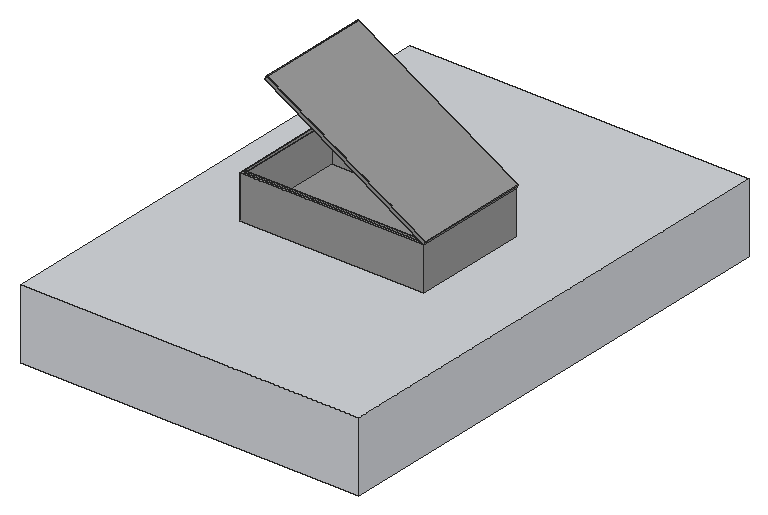
Revit family "Hager-Univers-IP44-D205-Cl.I-H500_Base-CH-it", category Equipement électrique, Revit 2020
Family settings
  Hôte = Face
  Configuration du panneau = Deux colonnes, circuits au sein
  Cote de connecteur circulaire = Utiliser le diamètre
  Type d'élément = Tableau de raccordement
  Couper avec des vides une fois chargée = Non
  Partagée = Non
  Point de calcul de pièce = Non
Parameters (values of type "A parete IP44 L800 A500 P205  - ZB013T")
  Width Control [instance] = if([EF000008 - Larghezza] > Min Width, [EF000008 - Larghezza], Min Width)  # 800 mm
  Commentaires du type = [HG000003 - Gamma]  # "Univers"
  Thickness Door [instance] = if([EF009171 - spessore materiale porta/coperchio] > 3 mm, 3 mm, [EF009171 - spessore materiale porta/coperchio])  # 1 mm
  Seal Frame Offset [instance] = 17 mm  # constant formula
  Plinth Visibility [instance] = [HG000027 - Altezza dello zoccolo] > 0 mm  # no
  Model = ""
  Min Width [instance] = 100 mm  # constant formula
  Min Height [instance] = 100 mm  # constant formula
  Min Depth [instance] = (2 * [EF009170 - spessore materiale scatola]) + 1 mm  # 3 mm
  Internal Frame Depth [instance] = (Door System Depth * 0.5)  # 9 mm
  Height Control [instance] = if([EF000040 - Altezza] > Min Height, [EF000040 - Altezza], Min Height)  # 500 mm
  HG000027 - Altezza dello zoccolo = 0 mm
  HG000026 - A pavimento = no
  HG000024 - Altezza della sezione inferiore = 800 mm
  HG000023 - Custodia a doppia sezione = no
  HG000016 - Visibilità delle porte nella vista 3D [instance] = yes
  HG000015 - Visibilità attraverso la porta [instance] = no
  HG000014 - Porta destra [instance] = yes
  HG000013 - Porta sinistra [instance] = not([HG000014 - Porta destra])  # no
  HG000012 - Angolo di apertura della porta [instance] = 30.00°
  HG000010 - Porte asimmetriche = no
  HG000009 - Porta doppia a battente = no
  HG000006 - Ad incasso = no
  HG000004 - Codice produttore = "ZB013T"
  HG000003 - Gamma = "Univers"
  HG000002 - Con porta = yes
  Frame Offset Bottom [instance] = 10 mm  # constant formula
  Frame Offset [instance] = 15 mm  # constant formula
  EF015940 - Coprire con rilascio di sovrapressione = no
  EF011959 - tipo di protezione (NEMA) = ""
  EF009554 - numero delle aperture per la piastra della flangia = 0
  Fabricant = "Hager"  # constant formula
  EF009212 - esecuzione coperchio = "EV000116 - chiuso"
  EF009171 - spessore materiale porta/coperchio = 1 mm
  EF009170 - spessore materiale scatola = 1 mm
  EF008873 - corrente nominale (In) = 250 A
  EF007800 - adatto per parafulmine = no
  EF006306 - con serratura = no
  EF006244 - coperchio/porta trasparente = no
  EF005474 - grado di protezione (IP) = "EV006418 - IP44"
  EF004464 - tipo di porta = "EV003602 - doppio"
  EF004427 - numero di moduli = 0
  EF004293 - resistenza agli urti = "EV006815 - IK09"
  EF003532 - adatto per uso esterno = no
  EF002950 - Numero moduli DIN = 0
  EF001613 - Integrità del circuito = "EV000494 - senza"
  EF001596 - Attacco Lampada = "EV000179 - acciaio"
  EF001131 - profondità interna = 0 mm
  EF001088 - possibilità di applicazione = yes
  EF000437 - numero di ingressi per conduttori = 0
  EF000339 - tipo di copertura = "EV004216 - porta"
  EF000266 - numero di file = 0
  EF000218 - profondità di incasso = 0 mm
  EF000118 - con piastra di montaggio = no
  EF000116 - numero RAL = "9010"
  EF000049 - profondità = 205 mm
  EF000040 - Altezza = 500 mm
  EF000008 - Larghezza = 800 mm
  EF000007 - colore = "EV000202 - bianco"
  EF000003 - Tipo di montaggio = "EV000384 - A parete"
  Door System Leaf Tolerance [instance] = 1.5 mm  # constant formula
  Door System Depth [instance] = 18 mm  # constant formula
  Door Height [instance] = Height Control - [HG000027 - Altezza dello zoccolo]  # 500 mm
  Depth Control [instance] = if([EF000049 - profondità] > Min Depth, [EF000049 - profondità], Min Depth)  # 205 mm
  Default Elevation = 0 mm
  Connector Offset [instance] = Height Control / 2  # 250 mm
  Bottom Top Plate Trim [instance] = 1.5 mm  # constant formula
  Plinth height Ctrl [instance] = if([HG000027 - Altezza dello zoccolo] > 0 mm, [HG000027 - Altezza dello zoccolo], 12 mm)  # 12 mm
Types (2, lengths in mm): name | Width Control | HG000004 - Codice produttore | EF004464 - tipo di porta | EF000008 - Larghezza
  A parete IP44 L550 A500 P205  - ZB012T | 550 | "ZB012T" | "EV002646 - singolo" | 550
  A parete IP44 L800 A500 P205  - ZB013T | 800 | "ZB013T" | "EV003602 - doppio" | 800
Reference planes
  plane 1 "Center (Front/Back)": y = 0
  plane 2: z = 0
  plane 3 "Center (Left/Right)": x = 0
  plane 4: z = 205
  plane 5: y = 1
  plane 6: y = 250
  plane 7: y = 0
  plane 8: y = 500
  plane 9: z = 0
  plane 10: x = -385
  plane 11: x = 385
  plane 12: x = 384
  plane 13: x = -384
  plane 14: y = 499
  plane 15: x = -383
  plane 16: x = -400
  plane 17: x = 383
  plane 18: x = 400
  plane 19: x = 399
  plane 20: x = -399
  plane 21: y = 11
  plane 22: y = 500
  plane 23: y = 484
  plane 24: z = 187
  plane 25: z = 1
  plane 26: z = 186
  plane 27: z = 204
Forms (mm)
  Extrusion 1, solid
    sketch origin (0, 0, 0) x (1, 0, 0) y (0, 1, 0)
      loop
        line (-702.964, 1305) -> (-702.964, -811.445) -> (766.763, -811.445) -> (766.763, 1305) -> (-702.964, 1305)
    from 0 to -304.8
  Extrusion 2, solid, material "Hager_Steel_RAL7035_Light_Grey", visible <- "Plinth Visibility", detail levels medium+fine
    sketch origin (0, 0, 0) x (1, 0, 0) y (0, 1, 0)
      loop
        line (-400, 0) -> (400, 0) -> (400, 12) -> (-400, 12) -> (-400, 0)
    from 0 to 187
  Extrusion 3, solid, material "Hager_Steel_RAL7035_Light_Grey", detail levels medium+fine
    sketch origin (0, 0, 0) x (1, 0, 0) y (0, 1, 0)
      loop
        line (-400, 0) -> (400, 0) -> (400, 500) -> (-400, 500) -> (-400, 0)
    from 0 to 187
  Extrusion 4, void
    sketch origin (0, 0, 0) x (1, 0, 0) y (0, 1, 0)
      loop
        line (-399, 1) -> (399, 1) -> (399, 499) -> (-399, 499) -> (-399, 1)
    from 1 to 186
  Extrusion 5, void
    sketch origin (-381.607, -4572, 187) x (0, -1, 0) y (-1, 0, 0)
      loop
        line (-4583, 2.393) -> (-5056, 2.393) -> (-5056, -765.607) -> (-4583, -765.607) -> (-4583, 2.393)
    from 0 to 1 <- "EF009170 - spessore materiale scatola"
  Extrusion 6, solid, material "Hager_Steel_RAL7035_Light_Grey", detail levels fine
    sketch origin (0, 0, 187) x (1, 0, 0) y (0, 1, 0)
      loop
        line (-384, 484) -> (-384, 11) -> (384, 11) -> (384, 484) -> (-384, 484)
      loop
        line (-385, 10) -> (385, 10) -> (385, 485) -> (-385, 485) -> (-385, 10)
    from 0 to 9 <- "Internal Frame Depth"
  Extrusion 7, solid, material "Hager_Steel_RAL7035_Light_Grey", detail levels coarse
    sketch origin (0, 0, 0) x (1, 0, 0) y (0, 1, 0)
      loop
        line (-400, 0) -> (400, 0) -> (400, 500) -> (-400, 500) -> (-400, 0)
    from 0 to 205
  Sweep 8, void
    path in 3D
      loop
        line (-400, 12, 0) -> (400, 12, 0) -> (400, 12, 187) -> (-400, 12, 187) -> (-400, 12, 0)
    profile origin (-400, 12, 93.5) x (-1, 0, 0) y (0, -1, 0)
      loop
        line (0, 0) -> (0, 1.5) -> (-1.5, 1.5)
        arc (-1.5, 1.5) -> (-1.061, 0.439) -> (0, 0) r 1.5
Cuts and joins
  Extrusion 4, Extrusion 5 cuts Extrusion 3
  Sweep 8 cuts Extrusion 2
Lines and regions (mm)
  Masking region 1
    outline origin (0, 0, 0) x (1, 0, 0) y (0, 0, 1)
      loop
        line (-400, 205) -> (-400, 0) -> (400, 0) -> (400, 205) -> (-400, 205)
  Masking region 2, detail levels medium+fine
    outline origin (0, 140, 0) x (0, 1, 0) y (0, 0, 1)
      loop
        line (-140, 0) -> (360, 0) -> (360, 187) -> (-140, 187) -> (-140, 0)
  Masking region 3, not visible, detail levels medium+fine
    outline origin (0, 297.922, 0) x (0, 1, 0) y (0, 0, 1)
      loop
        line (-36.422, 0) -> (3.578, 0) -> (3.578, 194)
        arc (3.578, 194) -> (0.649, 201.071) -> (-6.422, 204) r 10
        line (-6.422, 204) -> (-36.422, 204) -> (-36.422, 0)
  Masking region 4, detail levels coarse
    outline origin (0, 0, 180) x (0, 1, 0) y (0, 0, 1)
      loop
        line (0, -180) -> (500, -180) -> (500, 25) -> (0, 25) -> (0, -180)
  Masking region 5, visible <- "Plinth Visibility", detail levels medium+fine
    outline origin (0, 52.24, 12.345) x (0, 0, -1) y (0, 1, 0)
      loop
        line (10.845, -40.24) -> (-173.155, -40.24)
        arc (-173.155, -40.24) -> (-173.594, -41.301) -> (-174.655, -41.74) r 1.5
        line (-174.655, -41.74) -> (-174.655, -52.24) -> (12.345, -52.24) -> (12.345, -41.74)
        arc (12.345, -41.74) -> (11.285, -41.301) -> (10.845, -40.24) r 1.5
  Masking region 6, detail levels medium+fine
    outline origin (-381.607, -4572, 187) x (-1, 0, 0) y (0, -1, 0)
      loop
        line (18.393, -5072) -> (18.393, -4572) -> (-781.607, -4572) -> (-781.607, -5072) -> (18.393, -5072)
  Masking region 7, visible <- "Plinth Visibility", detail levels medium+fine
    outline origin (-381.607, -4727, 187) x (-1, 0, 0) y (0, -1, 0)
      loop
        arc (16.893, -4739) -> (17.332, -4737.939) -> (18.393, -4737.5) r 1.5
        line (18.393, -4737.5) -> (18.393, -4727) -> (-781.607, -4727) -> (-781.607, -4737.5)
        arc (-781.607, -4737.5) -> (-780.546, -4737.939) -> (-780.107, -4739) r 1.5
        line (-780.107, -4739) -> (16.893, -4739)
  Masking region 8, detail levels coarse
    outline origin (-442.548, -4669.526, 187) x (-1, 0, 0) y (0, -1, 0)
      loop
        line (-42.548, -5169.526) -> (-42.548, -4669.526) -> (-842.548, -4669.526) -> (-842.548, -5169.526) -> (-42.548, -5169.526)
  sketch lines
    curve 1: line (-400, 12, 187) -> (-400, 12, 0)
    curve 2: line (400, 12, 187) -> (-400, 12, 187)
    curve 3: line (400, 12, 187) -> (400, 12, 0)
    curve 4: line (-400, 12, 0) -> (400, 12, 0)
Dimensions and locks
  "Depth Control": plane 4 to Extrusion 1
  "HG000027 - Altezza dello zoccolo": plane 1 "Center (Front/Back)" to plane 7
  "EF009170 - spessore materiale scatola": plane 5 to plane 7
  locked: connector elem to plane 3 "Center (Left/Right)"
  equal spacing: plane 8, plane 6, plane 7
  locked: connector elem to plane 6
  "EF009170 - spessore materiale scatola": plane 8 to plane 14
  "EF009170 - spessore materiale scatola": plane 10 to plane 13
  "EF009170 - spessore materiale scatola": plane 12 to plane 11
  "Frame Offset": plane 20 to plane 13
  "Frame Offset": plane 12 to plane 19
  "EF009170 - spessore materiale scatola": plane 16 to plane 20
  "EF009170 - spessore materiale scatola": plane 19 to plane 18
  "Seal Frame Offset": plane 16 to plane 15
  "Seal Frame Offset": plane 17 to plane 18
  "Frame Offset Bottom": plane 21 to plane 5
  "Frame Offset": plane 14 to plane 23
  equal spacing: plane 16, plane 3 "Center (Left/Right)", plane 18
  "Width Control": plane 16 to plane 18
  "EF009170 - spessore materiale scatola": plane 4 to plane 27
  "EF009170 - spessore materiale scatola": plane 24 to plane 26
  "EF009170 - spessore materiale scatola": plane 25 to level
  "Door System Depth": plane 4 to plane 24
  "Height Control": plane 1 "Center (Front/Back)" to Extrusion 7 sketch curve
  "Height Control": Masking region 4 sketch curve to plane 1 "Center (Front/Back)"
  "Height Control": plane 1 "Center (Front/Back)" to plane 22
  "Bottom Top Plate Trim": profile plane to Sweep 8 sketch curve
  "Bottom Top Plate Trim": Sweep 8 sketch curve to profile plane
  "Plinth height Ctrl": plane 1 "Center (Front/Back)" to Extrusion 2 sketch curve
  "Plinth height Ctrl": Masking region 5 sketch curve to plane 1 "Center (Front/Back)"
  "Plinth height Ctrl": plane 1 "Center (Front/Back)" to Masking region 7 sketch curve
  "Thickness Door": Extrusion 6 sketch curve to Extrusion 6 sketch curve  (x3)
  "Thickness Door": cut or joined group of Extrusion 3, Extrusion 4, Extrusion 5 to Extrusion 6 sketch curve
  radius of Masking region 3 sketch curve = 10 mm
  "Bottom Top Plate Trim": radius of Masking region 5 sketch curve  (x2)
  "Bottom Top Plate Trim": radius of Sweep 8 sketch curve
  "Bottom Top Plate Trim": radius of Masking region 7 sketch curve  (x2)
  aligned and locked: plane 2 to Extrusion 1
  aligned and locked: level to Extrusion 1
  aligned and locked: level to Masking region 1 sketch curve
  aligned and locked: Masking region 1 sketch curve to plane 18
  aligned and locked: Masking region 1 sketch curve to plane 16
  aligned and locked: plane 7 to Masking region 2 sketch curve
  aligned and locked: level to Masking region 3 sketch curve
  aligned and locked: Masking region 3 sketch curve to plane 27
  aligned and locked: level to Masking region 2 sketch curve
  aligned and locked: plane 1 "Center (Front/Back)" to Extrusion 2 sketch curve
  aligned and locked: Extrusion 3 sketch curve to plane 7
  aligned and locked: plane 16 to Extrusion 3 sketch curve
  aligned and locked: plane 18 to Extrusion 3 sketch curve
  aligned and locked: plane 20 to Extrusion 4 sketch curve
  aligned and locked: plane 19 to Extrusion 4 sketch curve
  aligned and locked: Extrusion 4 sketch curve to plane 5
  aligned and locked: Extrusion 4 to plane 25
  aligned and locked: plane 26 to Extrusion 4
  aligned and locked: plane 24 to Extrusion 3
  aligned and locked: Extrusion 5 sketch curve to plane 21
  aligned and locked: Extrusion 5 sketch curve to plane 13
  aligned and locked: Extrusion 5 sketch curve to plane 12
  aligned and locked: plane 18 to Extrusion 7 sketch curve
  aligned and locked: plane 1 "Center (Front/Back)" to Extrusion 7 sketch curve
  aligned and locked: plane 16 to Extrusion 7 sketch curve
  aligned and locked: plane 4 to Extrusion 7
  aligned and locked: Extrusion 7 to level
  aligned and locked: level to Masking region 4 sketch curve
  aligned and locked: Masking region 4 sketch curve to plane 1 "Center (Front/Back)"
  aligned and locked: Masking region 4 sketch curve to plane 4
  aligned and locked: nested 1 to level
  aligned and locked: nested 1 to plane 16
  aligned and locked: plane 8 to Extrusion 3 sketch curve
  aligned and locked: plane 23 to Extrusion 5 sketch curve
  aligned and locked: plane 14 to Extrusion 4 sketch curve
  aligned and locked: Masking region 2 sketch curve to plane 8
  aligned and locked: level to Masking region 5 sketch curve
  aligned and locked: plane 16 to Extrusion 2 sketch curve
  aligned and locked: plane 18 to Extrusion 2 sketch curve
  aligned and locked: Masking region 5 sketch curve to plane 24
  aligned and locked: Masking region 2 sketch curve to plane 24
  aligned and locked: plane 24 to Extrusion 2
  aligned and locked: profile plane to Sweep 8 sketch curve  (x2)
  aligned and locked: Masking region 6 sketch curve to plane 18
  aligned and locked: Masking region 6 sketch curve to plane 22
  aligned and locked: Masking region 6 sketch curve to plane 16
  aligned and locked: plane 8 to plane 22
  aligned and locked: Masking region 6 sketch curve to plane 7
  aligned and locked: Masking region 7 sketch curve to plane 16
  aligned and locked: Masking region 7 sketch curve to plane 1 "Center (Front/Back)"
  aligned and locked: Masking region 7 sketch curve to plane 18
  aligned and locked: Masking region 8 sketch curve to plane 1 "Center (Front/Back)"
  aligned and locked: Masking region 8 sketch curve to plane 18
  aligned and locked: Masking region 8 sketch curve to plane 22
  aligned and locked: Masking region 8 sketch curve to plane 16
  aligned and locked: nested 2 to plane 7
  aligned and locked: plane 3 "Center (Left/Right)" to nested 2
  aligned and locked: nested 2 to plane 24
  aligned and locked: Extrusion 6 sketch curve to cut or joined group of Extrusion 3, Extrusion 4, Extrusion 5  (x4)
Automatic sketch dimensions
  Extrusion 1 sketch curve to Extrusion 1 sketch curve = 1469.727 mm
  Extrusion 1 sketch curve to Extrusion 1 sketch curve = 2116.445 mm
  Masking region 1 sketch curve to plane 4 = 0 mm
  plane 6 to Masking region 3 sketch curve = 11.5 mm
  Masking region 3 sketch curve to Masking region 3 sketch curve = 30 mm
  Masking region 5 sketch curve to plane 1 "Center (Front/Back)" = 0 mm
Nested families
  nested 1: "Hager_Enclosure_Symbol" at (-400, 0, 0) x (1, 0, 0) z (0, -1, 0), Height <- "Depth Control", Width <- "Width Control", type "Hager_Enclosure_Symbol"
    with Width_Ctrl 800 mm, Width 800 mm, Height_Ctrl 205 mm, Height 205 mm, A_Width_Int 13.453 mm, A_Width 161.438 mm, A_Height_Ctrl 179.375 mm, A_Height 179.375 mm
  nested 2: "EC000058_Univers_Door" at (0, 0, 187) x (1, 0, 0) z (0, 1, 0), Leaf_Tolerance <- "Door System Leaf Tolerance", Angle <- "HG000012 - Angolo di apertura della porta", Door_Depth <- "Door System Depth", Door_Left <- "HG000013 - Porta sinistra", Transparent <- "EF006244 - coperchio/porta trasparente", Assymetrical <- "HG000010 - Porte asimmetriche", Width <- "Width Control", Clearance <- "HG000015 - Visibilità attraverso la porta", Double <- "HG000009 - Porta doppia a battente", 3d_Door <- "HG000016 - Visibilità delle porte nella vista 3D", Lock_Visibility <- "EF006306 - con serratura", Width_Ctrl <- "Width Control", Door_Right <- "HG000014 - Porta destra", Door <- "HG000002 - Con porta", Height <- "Door Height", Thickness <- "Thickness Door", type "EC000058_Univers_Door", detail levels medium+fine
    with min_wh 3 mm, Width_Ctrl 800 mm, Width 800 mm, Transparent no, Thickness 1 mm, Seal_Material Hager_Rubber, Lock_Visibility no, Lock_Material Hager_Plastic_RAL9005_Jet_Black, Leaf_Width 800 mm, Leaf_Tolerance_External_Sides 0 mm, Leaf_Tolerance 1.5 mm, Leaf_Offset 0 mm, Leaf_Height 497 mm, Leaf_2_Width 800 mm, Leaf_2_Offset 400 mm, Leaf_1_Width 800 mm, Leaf_1_Offset 400 mm, Height_Ctrl 500 mm, Height 500 mm, Glass_Material Hager_Glass, Double_Clearance_Ctrl no, Double no, Door_Right_Ctrl yes, Door_Right yes, Door_Material Hager_Steel_RAL7035_Light_Grey, Door_Left_Ctrl no, Door_Left no, Door_Depth 18 mm, Door yes, Clearance_Material Hager_Clearance, Clearance_Depth 800 mm, Clearance_Ctrl no, Clearance no, Assymetrical no, Angle 30.00°, 3d_Door yes
Connectors
  electrical at (0, 250, 0)
    settings: on plane 9, index 1, voltage 0 V, apparent load 0 VA, apparent load phase1 0 VA, apparent load phase2 0 VA, apparent load phase3 0 VA, power factor 1, load classification "Other", number of poles 1, system type 30, power factor state 1, is connector primary yes, connector utility no, sub classification motor no, connector description ""
Definition of nested family "EC000058_Univers_Door"
  Parameters (values of type "EC000058_Univers_Door")
    min_wh [instance] = (2 * Thickness) + 1 mm  # 11 mm
    Width_Ctrl [instance] = 400 mm
    Width [instance] = 500 mm
    Transparent [instance] = yes
    Thickness [instance] = 5 mm
    Seal_Material [instance] = none
    Lock_Visibility [instance] = yes
    Lock_Material [instance] = none
    Leaf_Width [instance] = if((Width_Ctrl - 2 * Leaf_Tolerance_External_Sides) > 0 mm, (Width_Ctrl - 2 * Leaf_Tolerance_External_Sides), min_wh)  # 400 mm
    Leaf_Tolerance_External_Sides [instance] = 0 mm  # constant formula
    Leaf_Tolerance [instance] = 1.5 mm
    Leaf_Offset [instance] = 0 mm  # constant formula
    Leaf_Height [instance] = if((Height_Ctrl - 2 * Leaf_Tolerance) > 0 mm, (Height_Ctrl - 2 * Leaf_Tolerance), min_wh)  # 497 mm
    Leaf_2_Width [instance] = if(and(and(Double, Assymetrical), Door_Left), (Leaf_Width / 3) - (Leaf_Tolerance / 2), if(and(and(Double, Assymetrical), Door_Right), (Leaf_Width / 3) * 2 - (Leaf_Tolerance / 2), if(and(Double, not(Assymetrical)), (Leaf_Width / 2) - Leaf_Tolerance, Leaf_Width)))  # 400 mm
    Leaf_2_Offset [instance] = if(and(Double, Assymetrical), Leaf_2_Width / 2, if(and(Double, not(Assymetrical)), Leaf_Width / 4, Leaf_Width / 2))  # 200 mm
    Leaf_1_Width [instance] = if(and(and(Double, Assymetrical), Door_Right), (Leaf_Width / 3) - (Leaf_Tolerance / 2), if(and(and(Double, Assymetrical), Door_Left), (Width / 3) * 2 - (Leaf_Tolerance / 2), if(and(Double, not(Assymetrical)), (Leaf_Width / 2) - Leaf_Tolerance, Leaf_Width)))  # 400 mm
    Leaf_1_Offset [instance] = if(and(Double, Assymetrical), Leaf_1_Width / 2, if(and(Double, not(Assymetrical)), Leaf_Width / 4, Leaf_Width / 2))  # 200 mm
    Height_Ctrl [instance] = if(Height > min_wh, Height, min_wh)  # 500 mm
    Height [instance] = 500 mm
    Glass_Material [instance] = none
    Double_Clearance_Ctrl [instance] = and(Double, Clearance)  # no
    Double [instance] = no
    Door_Right_Ctrl [instance] = and(or(Door_Right, Double), Door)  # yes
    Door_Right [instance] = yes
    Door_Material [instance] = none
    Door_Left_Ctrl [instance] = and(or(Door_Left, Double), Door)  # no
    Door_Left [instance] = no
    Door_Depth [instance] = 30 mm
    Door [instance] = yes
    Default Elevation = 1219.2 mm
    Clearance_Material [instance] = none
    Clearance_Depth [instance] = if(Leaf_1_Width > Leaf_2_Width, Leaf_1_Width, Leaf_2_Width)  # 400 mm
    Clearance_Ctrl [instance] = and(not(Double), Clearance)  # yes
    Clearance [instance] = yes
    Assymetrical [instance] = yes
    Angle [instance] = 30.00°
    3d_Door [instance] = yes
  Reference planes
    plane 1 "Center (Front/Back)": y = 0
    plane 2 "Bottom": z = 0
    plane 3 "Center (Left/Right)": x = 0
    plane 4: z = 500
    plane 5: x = -200
    plane 6: x = 200
    plane 7: z = 500
    plane 8: x = -200
    plane 9: z = 0
    plane 10: x = 200
    plane 11: y = 0
    plane 12: z = 1.5
    plane 13: x = -600
    plane 14: y = -400
    plane 15: x = 600
    plane 16: x = 0
    plane 17: x = 0
    plane 18: x = -200
    plane 19: x = 200
    plane 20: z = 498.5
  Forms (mm)
    Extrusion 1, solid, material <- "Clearance_Material", visible <- "Double_Clearance_Ctrl"
      sketch origin (1200, 0, 0) x (1, 0, 0) y (0, 0, -1)
        loop
          line (-1800, -498.5) -> (-600, -498.5) -> (-600, 0) -> (-1800, 0) -> (-1800, -498.5)
      from 0 to -400
  Dimensions and locks
    equal spacing: plane 5, plane 3 "Center (Left/Right)", plane 6
    "Width_Ctrl": plane 5 to plane 6
    "Leaf_Offset": plane 5 to plane 8
    "Leaf_Offset": plane 6 to plane 10
    "Leaf_Offset": plane 9 to level
    "Leaf_Offset": plane 4 to plane 7
    "Height_Ctrl": plane 4 to level
    "Leaf_Tolerance": plane 12 to plane 9
    locked: plane 11 to plane 1 "Center (Front/Back)"
    "Leaf_1_Offset": plane 18 to plane 16
    "Leaf_2_Offset": plane 17 to plane 19
    "Leaf_1_Width": plane 13 to plane 8
    "Leaf_2_Width": plane 10 to plane 15
    "Clearance_Depth": plane 14 to plane 1 "Center (Front/Back)"
    "Leaf_Tolerance_External_Sides": plane 8 to plane 18
    "Leaf_Tolerance_External_Sides": plane 19 to plane 10
    "Leaf_Tolerance": plane 7 to plane 20
    aligned and locked: level to plane 2 "Bottom"
    aligned and locked: nested 1 to plane 16
    aligned and locked: nested 2 to plane 17
    aligned and locked: Extrusion 1 to plane 13
    aligned and locked: plane 15 to Extrusion 1
    aligned and locked: Extrusion 1 to plane 14
    aligned and locked: plane 12 to nested 1
    aligned and locked: nested 2 to plane 12
    aligned and locked: Extrusion 1 to plane 11
    aligned and locked: plane 20 to Extrusion 1
    aligned and locked: nested 2 to plane 11
    aligned and locked: nested 1 to plane 11
  Automatic sketch dimensions
    Extrusion 1 sketch curve to level = 0 mm
    plane 5 to Extrusion 1 sketch curve = 400 mm
    plane 6 to Extrusion 1 sketch curve = 400 mm
    Extrusion 1 sketch curve to plane 4 = 1.5 mm
  Nested families
    nested 1: "EC000058_Univers_Door_Leaf" at (0, 0, 1.5), Width <- "Leaf_1_Width", visible <- "Door_Left_Ctrl", Leaf_Height <- "Leaf_Height", Angle <- "Angle", 3d_Door <- "3d_Door", Transparent <- "Transparent", Clearance Material <- "Clearance_Material", Clearance <- "Clearance_Ctrl", Door_Material <- "Door_Material", Glass_Material <- "Glass_Material", Door_Depth <- "Door_Depth", Lock_Material <- "Lock_Material", Seal_Material <- "Seal_Material", Lock_Visibility <- "Lock_Visibility", Thickness <- "Thickness", type "EC000058_Univers_Door_Leaf"
      with Width 400 mm, Transparent_Glass_Offset 30 mm, Transparent_Ctrl yes, Transparent yes, Thickness 5 mm, Standard no, Seal_Material none, Seal_D2 8 mm, Seal_D1 1 mm, Offset_Internal_Frame 10 mm, Lock_Width 20 mm, Lock_Visibility_3d yes, Lock_Visibility yes, Lock_Thickness_3 3 mm, Lock_Thickness_2 1 mm, Lock_Thickness_1 3 mm, Lock_Radius_Offset_2 16 mm, Lock_Radius_Offset_1 15 mm, Lock_Radius_2 5 mm, Lock_Radius 6 mm, Lock_Offset 5 mm, Lock_Material none, Lock_Height 80 mm, Lock_Cover_Top_Offset_2d 17 mm, Lock_Cover_Height -65 mm, Leaf_Height 497 mm, Internal_Seal_Thickness 8 mm, Internal_Seal_Depth_2 4.5 mm, Internal_Frame_Depth 25 mm, Glass_Thickness -1 mm, Glass_Offset -2 mm, Glass_Material none, Door_Material none, Door_Depth 30 mm, Clearance Material none, Clearance yes, Angle_Ctrl 30.00°, Angle 30.00°, 3d_Door yes
    nested 2: "EC000058_Univers_Door_Leaf" at (0, 0, 1.5) x (-1, 0, 0) z (0, 0, 1), Width <- "Leaf_2_Width", visible <- "Door_Right_Ctrl", Leaf_Height <- "Leaf_Height", Angle <- "Angle", 3d_Door <- "3d_Door", Transparent <- "Transparent", Clearance Material <- "Clearance_Material", Clearance <- "Clearance_Ctrl", Door_Material <- "Door_Material", Glass_Material <- "Glass_Material", Door_Depth <- "Door_Depth", Lock_Material <- "Lock_Material", Seal_Material <- "Seal_Material", Lock_Visibility <- "Lock_Visibility", Thickness <- "Thickness", type "EC000058_Univers_Door_Leaf"
      with Width 400 mm, Transparent_Glass_Offset 30 mm, Transparent_Ctrl yes, Transparent yes, Thickness 5 mm, Standard no, Seal_Material none, Seal_D2 8 mm, Seal_D1 1 mm, Offset_Internal_Frame 10 mm, Lock_Width 20 mm, Lock_Visibility_3d yes, Lock_Visibility yes, Lock_Thickness_3 3 mm, Lock_Thickness_2 1 mm, Lock_Thickness_1 3 mm, Lock_Radius_Offset_2 16 mm, Lock_Radius_Offset_1 15 mm, Lock_Radius_2 5 mm, Lock_Radius 6 mm, Lock_Offset 5 mm, Lock_Material none, Lock_Height 80 mm, Lock_Cover_Top_Offset_2d 17 mm, Lock_Cover_Height -65 mm, Leaf_Height 497 mm, Internal_Seal_Thickness 8 mm, Internal_Seal_Depth_2 4.5 mm, Internal_Frame_Depth 25 mm, Glass_Thickness -1 mm, Glass_Offset -2 mm, Glass_Material none, Door_Material none, Door_Depth 30 mm, Clearance Material none, Clearance yes, Angle_Ctrl 30.00°, Angle 30.00°, 3d_Door yes
  Definition of nested family "EC000058_Univers_Door_Leaf"
    Parameters (values of type "EC000058_Univers_Door_Leaf")
      Width [instance] = 2000 mm
      Transparent_Glass_Offset [instance] = 30 mm
      Transparent_Ctrl [instance] = and(Transparent, [3d_Door])  # yes
      Transparent [instance] = yes
      Thickness [instance] = 5 mm
      Standard [instance] = and(not(Transparent), [3d_Door])  # no
      Seal_Material [instance] = none
      Seal_D2 [instance] = 8 mm  # constant formula
      Seal_D1 [instance] = 1 mm  # constant formula
      Offset_Internal_Frame [instance] = 10 mm  # constant formula
      Lock_Width [instance] = 20 mm  # constant formula
      Lock_Visibility_3d [instance] = and(Lock_Visibility, [3d_Door])  # yes
      Lock_Visibility [instance] = yes
      Lock_Thickness_3 [instance] = 3 mm  # constant formula
      Lock_Thickness_2 [instance] = 1 mm  # constant formula
      Lock_Thickness_1 [instance] = 3 mm  # constant formula
      Lock_Radius_Offset_2 [instance] = Lock_Radius_Offset_1 + 1 mm  # 16 mm
      Lock_Radius_Offset_1 [instance] = 15 mm  # constant formula
      Lock_Radius_2 [instance] = Lock_Radius - 1 mm  # 5 mm
      Lock_Radius [instance] = 6 mm  # constant formula
      Lock_Offset [instance] = 5 mm  # constant formula
      Lock_Material [instance] = none
      Lock_Height [instance] = 80 mm  # constant formula
      Lock_Cover_Top_Offset_2d [instance] = Lock_Radius_Offset_2 + 1 mm  # 17 mm
      Lock_Cover_Height [instance] = -(Lock_Height - Lock_Radius_Offset_1)  # -65 mm
      Leaf_Height [instance] = 2720.336 mm
      Internal_Seal_Thickness [instance] = 8 mm  # constant formula
      Internal_Seal_Depth_2 [instance] = 4.5 mm  # constant formula
      Internal_Frame_Depth [instance] = if(Door_Depth - Thickness > 5 mm, Door_Depth - Thickness, 5 mm)  # 25 mm
      Glass_Thickness [instance] = if(Thickness > 15 mm, Glass_Offset + 10 mm, -1 mm)  # -1 mm
      Glass_Offset [instance] = if(Thickness > 15 mm, -(Thickness + 10 mm) / 2, -2 mm)  # -2 mm
      Glass_Material [instance] = none
      Door_Material [instance] = none
      Door_Depth [instance] = 30 mm
      Default Elevation = 0 mm
      Clearance Material [instance] = none
      Clearance [instance] = yes
      Angle_Ctrl [instance] = if(Angle > 180.00°, 180.00°, Angle)  # 90.00°
      Angle [instance] = 90.00°
      3d_Door [instance] = yes
    Reference planes
      plane 1 "Center (Front/Back)": y = 0
      plane 2: z = 0
      plane 3 "Center (Left/Right)": x = 0
      plane 4: y = 2000
      plane 5: x = -1000
      plane 6: x = 1000
      plane 7: x = -3000
      plane 8: z = 2720.336
      plane 9: z = 30
      plane 10: z = 2690.336
      plane 11: x = 970
      plane 12: x = -970
      plane 13: y = -3
      plane 14: z = 107.833
      plane 15: y = -5
      plane 16: y = -223.314
      plane 17: x = -1000
      plane 18: z = 1360.168
      plane 19: y = 30
    Forms (mm)
      Extrusion 1, solid, material <- "Clearance Material", visible <- "Clearance"
        sketch origin (0, 0, 0) x (1, 0, 0) y (0, 0, 1)
          loop
            line (-3000, 2720.336) -> (-3000, 0) -> (1000, 0) -> (1000, 2720.336) -> (-3000, 2720.336)
        from 0 to -2000
      Extrusion 2, solid, material <- "Door_Material", visible <- "Standard", detail levels medium+fine
        sketch origin (-1000, 0, 0) x (0, 1, 0) y (-1, 0, 0)
          loop
            line (0, 30) -> (0, 25) -> (2000, 25) -> (2000, 30) -> (0, 30)
        from 0 to 2720.336 <- "Leaf_Height"
      Extrusion 3, solid, material <- "Door_Material", visible <- "Transparent_Ctrl", detail levels medium+fine
        sketch origin (-1000, 0, 0) x (0, 1, 0) y (-1, 0, 0)
          loop
            line (0, 25) -> (2000, 25) -> (2000, 30) -> (0, 30) -> (0, 25)
        from 0 to 2720.336 <- "Leaf_Height"
      Extrusion 4, void
        sketch origin (-1025, 2000, 0) x (0, 1, 0) y (0, 0, -1)
          loop
            line (-30, -2690.336) -> (-30, -30) -> (-1970, -30) -> (-1970, -2690.336) -> (-30, -2690.336)
        from 0 to 5 <- "Thickness"
      Sweep 5, solid, material <- "Seal_Material", visible <- "Transparent_Ctrl", detail levels fine
        path in 3D
          loop
            line (-1025, 30, 30) -> (-1025, 30, 2690.336) -> (-1025, 1970, 2690.336) -> (-1025, 1970, 30) -> (-1025, 30, 30)
        profile origin (-1025, 1000, 30) x (1, 0, 0) y (0, 0, 1)
          loop
            line (0, 0) -> (0, -8) -> (1, -8) -> (1, 0) -> (0, 0)
      Extrusion 6, solid, material <- "Glass_Material", visible <- "Transparent_Ctrl", detail levels medium+fine
        sketch origin (-1030, 0, 0) x (0, 1, 0) y (0, 0, -1)
          loop
            line (1970, -2690.336) -> (1970, -30) -> (30, -30) -> (30, -2690.336) -> (1970, -2690.336)
        from -2 <- "Glass_Offset" to -1 <- "Glass_Thickness"
      Extrusion 7, solid, material <- "Door_Material", visible <- "3d_Door", detail levels medium+fine
        sketch origin (-1025, 2000, 0) x (0, -1, 0) y (0, 0, -1)
          loop
            line (0, -2720.336) -> (2000, -2720.336) -> (2000, 0) -> (0, 0) -> (0, -2720.336)
          loop
            line (1995, -5) -> (5, -5) -> (5, -2715.336) -> (1995, -2715.336) -> (1995, -5)
        from 0 to 25 <- "Internal_Frame_Depth"
      Sweep 8, solid, material <- "Seal_Material", visible <- "Transparent_Ctrl", detail levels fine
        path in 3D
          loop
            line (-1025, 0, 0) -> (-1025, 2000, 0) -> (-1025, 2000, 2720.336) -> (-1025, 0, 2720.336) -> (-1025, 0, 0)
        profile origin (-1025, 0, 1360.168) x (1, 0, 0) y (0, 1, 0)
          loop
            line (0, 10) -> (2.975, 10)
            arc (2.975, 10) -> (4.053, 10.447) -> (4.5, 11.525) r 1.525
            line (4.5, 11.525) -> (4.5, 16.527)
            arc (4.5, 16.527) -> (4.069, 17.569) -> (3.027, 18) r 1.473
            line (3.027, 18) -> (0, 18) -> (0, 10)
      Extrusion 9, solid, material <- "Lock_Material", visible <- "Lock_Visibility_3d", detail levels fine
        sketch origin (-1030, 0, 0) x (0, 1, 0) y (0, 0, -1)
          loop
            arc (1993.5, -1400.168) -> (1994.561, -1399.729) -> (1995, -1398.668) r 1.5
            line (1995, -1398.668) -> (1995, -1320.168) -> (1975, -1320.168) -> (1975, -1398.668)
            arc (1975, -1398.668) -> (1975.439, -1399.729) -> (1976.5, -1400.168) r 1.5
            line (1976.5, -1400.168) -> (1993.5, -1400.168)
        from 3 <- "Lock_Thickness_1" to 0
      Blend 10, solid, material <- "Lock_Material", visible <- "Lock_Visibility_3d", detail levels fine
        base sketch origin (-1033, 0, 0) x (0, 1, 0) y (0, 0, -1)
          loop
            line (1975, -1320.168) -> (1975, -1398.668)
            arc (1975, -1398.668) -> (1975.439, -1399.729) -> (1976.5, -1400.168) r 1.5
            line (1976.5, -1400.168) -> (1993.5, -1400.168)
            arc (1993.5, -1400.168) -> (1994.561, -1399.729) -> (1995, -1398.668) r 1.5
            line (1995, -1398.668) -> (1995, -1320.168) -> (1975, -1320.168)
        top sketch origin (-1033, 0, 0) x (0, 1, 0) y (0, 0, -1)
          loop
            line (1976, -1320.168) -> (1976, -1398.668)
            arc (1976, -1398.668) -> (1976.146, -1399.022) -> (1976.5, -1399.168) r 0.5
            line (1976.5, -1399.168) -> (1993.5, -1399.168)
            arc (1993.5, -1399.168) -> (1993.854, -1399.022) -> (1994, -1398.668) r 0.5
            line (1994, -1398.668) -> (1994, -1320.168) -> (1976, -1320.168)
        from 0 to 1 <- "Lock_Thickness_2"
      Blend 11, solid, material <- "Lock_Material", visible <- "Lock_Visibility_3d", detail levels fine
        base sketch origin (-1034, 0, 0) x (0, 1, 0) y (0, 0, -1)
          loop
            line (1978, -1320.168) -> (1978, -1384.168)
            arc (1978, -1384.168) -> (1985, -1391.168) -> (1992, -1384.168) r 7
            line (1992, -1384.168) -> (1992, -1320.168) -> (1978, -1320.168)
        top sketch origin (-1034, 0, 0) x (0, 1, 0) y (0, 0, -1)
          loop
            line (1991, -1320.168) -> (1979, -1320.168) -> (1979, -1383.168)
            arc (1979, -1383.168) -> (1985, -1389.168) -> (1991, -1383.168) r 6
            line (1991, -1383.168) -> (1991, -1320.168)
        from 0 to 3 <- "Lock_Thickness_3"
      Extrusion 12, solid, material <- "Lock_Material", visible <- "Lock_Visibility_3d", detail levels fine
        sketch origin (-1030, 1975, 1320.168) x (1, 0, 0) y (0, -1, 0)
          loop
            line (-7, -19) -> (-7, -1) -> (0, -1) -> (0, 0) -> (-8, 0) -> (-8, -20) -> (0, -20) -> (0, -19) -> (-7, -19)
        from 0 to -65 <- "Lock_Cover_Height"
      Extrusion 13, void
        sketch origin (-1038, 1995, 1320.168) x (-1, 0, 0) y (0, 0, -1)
          loop
            line (-5, -65) -> (0, -65) -> (-5, -60) -> (-5, -65)
        from 0 to 20 <- "Lock_Width"
      Extrusion 14, void
        sketch origin (-1038, 1975, 1320.168) x (0, -1, 0) y (0, 0, -1)
          loop
            circle (-10, -15.995) r 6
          loop
            circle (-10, -15.995) r 5
        from 0 to 2
      Extrusion 15, solid, material <- "Lock_Material", visible <- "Lock_Visibility_3d", detail levels medium
        sketch origin (-1030, 0, 0) x (0, 1, 0) y (0, 0, -1)
          loop
            arc (1993.5, -1400.168) -> (1994.561, -1399.729) -> (1995, -1398.668) r 1.5
            line (1995, -1398.668) -> (1995, -1320.168) -> (1975, -1320.168) -> (1975, -1398.668)
            arc (1975, -1398.668) -> (1975.439, -1399.729) -> (1976.5, -1400.168) r 1.5
            line (1976.5, -1400.168) -> (1993.5, -1400.168)
        from 8 to 0
    Cuts and joins
      Extrusion 4 cuts Extrusion 3
      Extrusion 13, Extrusion 14 cuts Extrusion 9
      Extrusion 14 cuts Blend 11
      Extrusion 13, Extrusion 14 cuts Extrusion 12
      joined: Extrusion 9, Blend 10, Blend 11, Extrusion 12
      Extrusion 14 cuts Extrusion 15
    Lines and regions (mm)
      Masking region 1, visible <- "Lock_Visibility", detail levels fine
        outline origin (0, 0, 0) x (0, 1, 0) y (0, 0, 1)
          loop
            line (30, 1320.168) -> (33, 1320.168) -> (33, 1400.168) -> (30, 1400.168) -> (30, 1320.168)
      Masking region 2, visible <- "Lock_Visibility", detail levels fine
        outline origin (0, 3.143, 0) x (0, 1, 0) y (0, 0, 1)
          loop
            line (29.857, 1354.168) -> (30.857, 1354.168) -> (30.857, 1366.168) -> (29.857, 1366.168) -> (29.857, 1354.168)
      Masking region 3, detail levels medium+fine
        outline origin (0, 0, 0) x (0, 1, 0) y (0, 0, 1)
          loop
            line (0, 0) -> (30, 0) -> (30, 2720.336) -> (0, 2720.336) -> (0, 0)
      Masking region 4, detail levels medium+fine
        outline origin (0, 0, 0) x (1, 0, 0) y (0, 0, 1)
          loop
            line (-1000, 2720.336) -> (-1000, 0) -> (1000, 0) -> (1000, 2720.336) -> (-1000, 2720.336)
      Masking region 5, visible <- "Lock_Visibility", detail levels fine
        outline origin (-47.116, 0, 0) x (1, 0, 0) y (0, 0, 1)
          loop
            arc (1024.616, 1399.168) -> (1023.556, 1398.729) -> (1023.116, 1397.668) r 1.5
            line (1023.116, 1397.668) -> (1023.116, 1320.168) -> (1041.116, 1320.168) -> (1041.116, 1397.668)
            arc (1041.116, 1397.668) -> (1040.677, 1398.729) -> (1039.616, 1399.168) r 1.5
            line (1039.616, 1399.168) -> (1024.616, 1399.168)
      Masking region 6, visible <- "Lock_Visibility", detail levels medium+fine
        outline origin (-25, 0, 0) x (1, 0, 0) y (0, 0, 1)
          loop
            arc (1001.5, 1400.168) -> (1000.439, 1399.729) -> (1000, 1398.668) r 1.5
            line (1000, 1398.668) -> (1000, 1320.168) -> (1020, 1320.168) -> (1020, 1398.668)
            arc (1020, 1398.668) -> (1019.561, 1399.729) -> (1018.5, 1400.168) r 1.5
            line (1018.5, 1400.168) -> (1001.5, 1400.168)
      Masking region 7, visible <- "Lock_Visibility", detail levels fine
        outline origin (-73.735, 0, 0) x (1, 0, 0) y (0, 0, 1)
          loop
            line (1051.735, 1382.168) -> (1065.735, 1382.168) -> (1065.735, 1384.168)
            arc (1065.735, 1384.168) -> (1058.735, 1391.168) -> (1051.735, 1384.168) r 7
            line (1051.735, 1384.168) -> (1051.735, 1382.168)
      Masking region 8, visible <- "Lock_Visibility", detail levels fine
        outline origin (-73.735, 0, 0) x (1, 0, 0) y (0, 0, 1)
          loop
            line (1052.735, 1382.168) -> (1064.735, 1382.168) -> (1064.735, 1383.168)
            arc (1064.735, 1383.168) -> (1058.735, 1389.168) -> (1052.735, 1383.168) r 6
            line (1052.735, 1383.168) -> (1052.735, 1382.168)
      Masking region 9, visible <- "Lock_Visibility", detail levels fine
        outline origin (-25, 0, 0) x (1, 0, 0) y (0, 0, 1)
          loop
            line (1020, 1320.168) -> (1020, 1382.168) -> (1000, 1382.168) -> (1000, 1320.168) -> (1020, 1320.168)
      Masking region 10, detail levels medium+fine
        outline origin (0, 0, 0) x (1, 0, 0) y (0, 0, 1)
          loop
            circle (985, 1335.144) r 6
      Masking region 11, detail levels fine
        outline origin (0, 0, 0) x (1, 0, 0) y (0, 0, 1)
          loop
            circle (985, 1335.144) r 5
      Masking region 12, visible <- "Lock_Visibility", detail levels fine
        outline origin (0, 12.767, 0) x (0, 1, 0) y (0, 0, 1)
          loop
            line (20.233, 1320.168) -> (21.233, 1320.168) -> (21.233, 1399.168) -> (20.233, 1400.168) -> (20.233, 1320.168)
      Masking region 13, visible <- "Lock_Visibility", detail levels fine
        outline origin (0, 13.767, -10) x (0, 1, 0) y (0, 0, 1)
          loop
            line (20.233, 1330.168) -> (23.233, 1330.168) -> (23.233, 1399.168) -> (20.233, 1402.168) -> (20.233, 1330.168)
      Masking region 14, visible <- "Lock_Visibility", detail levels fine
        outline origin (0, 12.767, -10) x (0, 1, 0) y (0, 0, 1)
          loop
            line (20.233, 1330.168) -> (25.233, 1330.168) -> (25.233, 1399.305) -> (20.233, 1394.305) -> (20.233, 1330.168)
      Masking region 15, visible <- "Lock_Visibility", detail levels medium
        outline origin (0, 0, 0) x (0, 1, 0) y (0, 0, 1)
          loop
            line (30, 1320.168) -> (38, 1320.168) -> (38, 1400.168) -> (30, 1400.168) -> (30, 1320.168)
      Masking region 16, visible <- "Lock_Visibility", detail levels fine
        outline origin (-1000, 0, 0) x (0, 1, 0) y (-1, 0, 0)
          loop
            line (1975, 30) -> (1995, 30) -> (1995, 38) -> (1975, 38) -> (1975, 30)
          loop
            line (1979, 37) -> (1976, 37) -> (1976, 34) -> (1978, 34) -> (1979, 37)
          loop
            line (1994, 37) -> (1991, 37) -> (1992, 34) -> (1994, 34) -> (1994, 37)
      Masking region 17, visible <- "Lock_Visibility", detail levels medium
        outline origin (-1000, 0, 0) x (0, 1, 0) y (-1, 0, 0)
          loop
            line (1975, 30) -> (1995, 30) -> (1995, 38) -> (1975, 38) -> (1975, 30)
      symbolic lines
        curve 1: line (1000, 0, 0) -> (-3000, 0, 0)
        curve 2: arc (1000, 0, 0) -> (-1000, 2000, 0) -> (-3000, 0, 0) r 2000
        curve 4: line (-1030, 0, 0) -> (-1030, 2000, 0)
      reference lines
        curve 3: line (-1000, 0, 0) -> (-1000, 2000, 0)
      symbolic lines, detail levels medium+fine
        curve 5: line (-1030, 2000, 0) -> (-1025, 2000, 0)
        curve 7: line (-1025, 0, 0) -> (-1030, 0, 0)
        curve 8: line (-1025, 0, 0) -> (-1000, 0, 0)
        curve 9: line (-1000, 0, 0) -> (-1000, 2000, 0)
        curve 10: line (-1000, 2000, 0) -> (-1025, 2000, 0)
      symbolic lines, detail levels fine
        curve 6: line (-1025, 2000, 0) -> (-1025, 0, 0)
      sketch lines
        curve 11: line (-1025, 0, 2720.336) -> (-1025, 0, 0)
        curve 12: line (-1025, 2000, 0) -> (-1025, 0, 0)
        curve 13: line (-1025, 2000, 2720.336) -> (-1025, 2000, 0)
        curve 14: line (-1025, 0, 2720.336) -> (-1025, 2000, 2720.336)
        curve 15: line (-1025, 1970, 30) -> (-1025, 30, 30)
        curve 16: line (-1025, 30, 30) -> (-1025, 30, 2690.336)
        curve 17: line (-1025, 1970, 2690.336) -> (-1025, 1970, 30)
        curve 18: line (-1025, 30, 2690.336) -> (-1025, 1970, 2690.336)
      symbolic lines, visible <- "Transparent", detail levels medium+fine
        curve 19: line (-970, 0, 2690.336) -> (970, 0, 2690.336)
        curve 20: line (-970, 0, 30) -> (-970, 0, 2690.336)
        curve 21: line (970, 0, 30) -> (-970, 0, 30)
        curve 22: line (970, 0, 2690.336) -> (970, 0, 30)
    Dimensions and locks
      "Width": plane 1 "Center (Front/Back)" to plane 4
      equal spacing: plane 5, plane 3 "Center (Left/Right)", plane 6
      "Width": plane 5 to plane 6
      "Width": plane 7 to plane 5
      "Leaf_Height": plane 8 to level
      "Width": curve 5 to curve 3
      "Width": curve 3 to curve 3
      plane 8 to plane 10 = 30 mm
      plane 9 to level = 30 mm
      plane 12 to plane 5 = 30 mm
      plane 6 to plane 11 = 30 mm
      Extrusion 1 to Extrusion 4 sketch curve = 30 mm
      "Transparent_Glass_Offset": curve 3 to Extrusion 4 sketch curve
      "Transparent_Glass_Offset": Extrusion 4 sketch curve to cut or joined group of Extrusion 3, Extrusion 4  (x2)
      cut or joined group of Extrusion 3, Extrusion 4 to Extrusion 6 sketch curve = 30 mm
      "Transparent_Glass_Offset": cut or joined group of Extrusion 3, Extrusion 4 to Extrusion 4 sketch curve
      "Thickness": curve 6 to curve 4
      "Thickness": Extrusion 7 sketch curve to Extrusion 7 sketch curve  (x4)
      "Door_Depth": curve 4 to curve 3
      "Offset_Internal_Frame": profile plane to Sweep 8 sketch curve
      "Internal_Seal_Thickness": Sweep 8 sketch curve to Sweep 8 sketch curve
      "Internal_Seal_Depth_2": profile plane to Sweep 8 sketch curve
      "Seal_D1": profile plane to Sweep 5 sketch curve
      "Seal_D2": profile plane to Sweep 5 sketch curve
      "Thickness": Extrusion 2 sketch curve to Extrusion 2 sketch curve
      equal spacing: Extrusion 9 sketch curve, plane 18, Extrusion 9 sketch curve  (x2)
      equal spacing: Masking region 1 sketch curve, plane 18, Masking region 1 sketch curve
      "Lock_Height": Masking region 1 sketch curve to Masking region 1 sketch curve
      "Lock_Radius": Masking region 2 sketch curve to plane 18 to Masking region 2 sketch curve
      Masking region 2 sketch curve to Masking region 1 = 1 mm
      "Door_Depth": plane 19 to plane 1 "Center (Front/Back)"
      "Lock_Thickness_1": Masking region 1 sketch curve to plane 19
      "Lock_Width": Extrusion 9 sketch curve to Extrusion 9 sketch curve
      "Lock_Height": Extrusion 9 sketch curve to Extrusion 9 sketch curve
      "Lock_Offset": cut or joined group of Extrusion 3, Extrusion 4 to Extrusion 9 sketch curve
      equal spacing: plane 8, plane 18, level
      "Lock_Radius_Offset_1": Blend 11 sketch curve to Blend 10
      locked: Blend 10 to Blend 11 sketch curve at 2  (x2)
      locked: var sketch to Blend 11 sketch curve at 1  (x2)
      "Lock_Radius_Offset_2": Blend 11 sketch curve to Blend 10
      locked: Extrusion 12 sketch curve to Extrusion 12 sketch curve at 1  (x3)
      Masking region 6 sketch curve to Masking region 6 sketch curve = 80 mm
      "Lock_Height": Masking region 6 sketch curve to Masking region 6 sketch curve
      "Lock_Width": Masking region 6 sketch curve to Masking region 6 sketch curve
      locked: Masking region 6 to Masking region 5 sketch curve at 1  (x3)
      locked: Masking region 5 to Masking region 7 sketch curve at 2  (x2)
      "Lock_Radius_Offset_1": Masking region 5 to Masking region 7 sketch curve
      "Lock_Radius_Offset_2": Masking region 5 to Masking region 8 sketch curve
      locked: Masking region 7 to Masking region 8 sketch curve at 1  (x2)
      "Lock_Cover_Top_Offset_2d": Masking region 5 to Masking region 9 sketch curve
      equal spacing: Masking region 9, Masking region 10 sketch curve, Masking region 9
      equal spacing: Masking region 9, Masking region 11 sketch curve, Masking region 9
      Extrusion 15 sketch curve to Extrusion 15 sketch curve = 80 mm
      "Lock_Width": Extrusion 15 sketch curve to Extrusion 15 sketch curve
      "Lock_Height": Extrusion 15 sketch curve to Extrusion 15 sketch curve
      equal spacing: Extrusion 15 sketch curve, plane 18, Extrusion 15 sketch curve
      "Lock_Thickness_3": Masking region 13 sketch curve to Masking region 13 sketch curve
      "Lock_Height": Masking region 12 sketch curve to Masking region 12 sketch curve
      locked: Masking region 13 sketch curve to Masking region 1 at 8
      locked: Masking region 14 sketch curve to Masking region 13 at 1
      locked: Masking region 14 sketch curve to Masking region 1 at 10.863
      "Lock_Height": Masking region 15 sketch curve to Masking region 15 sketch curve
      "Lock_Offset": Extrusion 15 sketch curve to cut or joined group of Extrusion 3, Extrusion 4
      "Lock_Offset": plane 6 to Masking region 6 sketch curve
      radius of Sweep 8 sketch curve = 1.525 mm
      radius of Sweep 8 sketch curve = 1.473 mm
      radius of Extrusion 9 sketch curve = 1.5 mm  (x2)
      "Lock_Radius": radius of Extrusion 14 sketch curve
      "Lock_Radius_2": radius of Extrusion 14 sketch curve
      "Lock_Radius": radius of Masking region 10 sketch curve
      "Lock_Radius_2": radius of Masking region 11 sketch curve
      radius of Extrusion 15 sketch curve = 1.5 mm  (x2)
      "Angle_Ctrl": angle plane 1 "Center (Front/Back)" to curve 3
      locked: Masking region 12 sketch curve to Masking region 12 sketch curve (angle 45.00°)
      locked: Masking region 13 sketch curve to Masking region 13 sketch curve (angle 45.00°)
      locked: Masking region 14 sketch curve to Masking region 14 sketch curve (angle 45.00°)
      aligned and locked: level to plane 2
      aligned and locked: Extrusion 1 to curve 1
      aligned and locked: plane 6 to Extrusion 1
      aligned and locked: Extrusion 1 to plane 1 "Center (Front/Back)"
      aligned and locked: plane 4 to Extrusion 1
      aligned and locked: plane 8 to Extrusion 1
      aligned and locked: curve 7 to Extrusion 2 sketch curve
      aligned and locked: curve 5 to Extrusion 2 sketch curve
      aligned and locked: curve 7 to Extrusion 3 sketch curve
      aligned and locked: Extrusion 3 sketch curve to curve 4
      aligned and locked: Extrusion 3 sketch curve to curve 6
      aligned and locked: Extrusion 3 sketch curve to curve 5
      aligned and locked: curve 9 to curve 3
      aligned and locked: Extrusion 7 sketch curve to cut or joined group of Extrusion 3, Extrusion 4  (x4)
      aligned and locked: plane 17 to curve 3
      aligned and locked: plane 1 "Center (Front/Back)" to curve 3
      aligned and locked: plane 17 to plane 5
      aligned and locked: Sweep 8 sketch curve to profile plane
      aligned and locked: Sweep 5 sketch curve to profile plane  (x2)
      aligned and locked: Masking region 1 to Masking region 2 sketch curve
      aligned and locked: plane 19 to Masking region 1 sketch curve
      aligned and locked: plane 1 "Center (Front/Back)" to Masking region 3 sketch curve
      aligned and locked: plane 19 to Masking region 3 sketch curve
      aligned and locked: level to Masking region 3 sketch curve
      aligned and locked: Masking region 3 sketch curve to plane 8
      aligned and locked: plane 17 to Masking region 4 sketch curve
      aligned and locked: level to Masking region 4 sketch curve
      aligned and locked: Masking region 4 sketch curve to plane 8
      aligned and locked: plane 12 to curve 20
      aligned and locked: plane 10 to curve 19
      aligned and locked: plane 11 to curve 22
      aligned and locked: curve 21 to plane 9
      aligned and locked: Extrusion 2 sketch curve to cut or joined group of Extrusion 3, Extrusion 4
      aligned and locked: Blend 10 sketch curve to Extrusion 9  (x4)
      aligned and locked: Extrusion 9 to Blend 10 sketch curve
      aligned and locked: Blend 10 to Blend 11 sketch curve
      aligned and locked: Extrusion 12 sketch curve to Blend 11
      aligned and locked: Extrusion 12 sketch curve to Extrusion 9  (x4)
      aligned and locked: Masking region 5 sketch curve to Masking region 6
      aligned and locked: Masking region 9 sketch curve to Masking region 6  (x3)
      aligned and locked: Masking region 12 sketch curve to Masking region 1
      aligned and locked: Masking region 13 sketch curve to Masking region 1
      aligned and locked: Masking region 12 to Masking region 14
      aligned and locked: Masking region 14 sketch curve to Masking region 1
      aligned and locked: Masking region 15 sketch curve to Masking region 14
      aligned and locked: Masking region 13 sketch curve to Masking region 12
      aligned and locked: Masking region 16 sketch curve to cut or joined group of Extrusion 14, Extrusion 15  (x4)
      aligned and locked: Masking region 16 sketch curve to cut or joined group of Extrusion 9, Blend 10, Blend 11, Extrusion 12, Extrusion 13, Extrusion 14  (x6)
      aligned and locked: cut or joined group of Extrusion 9, Blend 10, Blend 11, Extrusion 12, Extrusion 13, Extrusion 14 to Masking region 16 sketch curve
      aligned and locked: Masking region 17 sketch curve to cut or joined group of Extrusion 14, Extrusion 15  (x3)
      aligned and locked: Masking region 17 sketch curve to cut or joined group of Extrusion 9, Blend 10, Blend 11, Extrusion 12, Extrusion 13, Extrusion 14
      aligned and locked: Masking region 9 to Masking region 8 sketch curve
      aligned and locked: Masking region 9 to Masking region 7 sketch curve
    Automatic sketch dimensions
      plane 1 "Center (Front/Back)" to curve 2 = 0 mm
      curve 2 to plane 5 = 0 mm
      Extrusion 1 sketch curve to level = 0 mm
      Extrusion 1 sketch curve to plane 7 = 0 mm
      Extrusion 1 sketch curve to plane 6 = 0 mm
      Extrusion 1 sketch curve to plane 8 = 0 mm
      Extrusion 3 to Extrusion 6 sketch curve = 30 mm  (x4)
      Masking region 4 sketch curve to plane 6 = 0 mm
      Blend 10 sketch curve to Extrusion 9 = 1.5 mm
      Blend 10 sketch curve to Extrusion 9 = 1 mm
      Extrusion 13 sketch curve to Extrusion 12 = 0 mm  (x2)
      Extrusion 12 to Extrusion 13 sketch curve = 3 mm
      Extrusion 13 sketch curve to Extrusion 12 = 5 mm
      Extrusion 14 sketch curve to Extrusion 14 sketch curve = 0 mm  (x2)
      Extrusion 14 sketch curve to Extrusion 12 = 10 mm
      Extrusion 14 sketch curve to Extrusion 12 = 15.995 mm
      Masking region 5 sketch curve to Masking region 5 sketch curve = 1.5 mm  (x2)
      Masking region 10 sketch curve to plane 18 = 25.024 mm
      Masking region 11 sketch curve to plane 18 = 25.024 mm
      plane 19 to Masking region 14 sketch curve = 3 mm
      Masking region 16 sketch curve to Masking region 16 sketch curve = 3 mm
      curve 4 to curve 3 = 0 mm
      Blend 10 to Blend 11 sketch curve = 0 mm
      Masking region 6 sketch curve to Masking region 6 sketch curve = 1.5 mm  (x2)
      Masking region 6 sketch curve to plane 18 = 40 mm
      plane 19 to Masking region 12 sketch curve = 3 mm
      Masking region 12 sketch curve to Masking region 12 sketch curve = 1 mm
      Masking region 15 sketch curve to plane 19 = 0 mm
      Masking region 15 sketch curve to plane 18 = 40 mm
      radius of Blend 10 sketch curve to Extrusion 9 = 1 mm
Definition of nested family "Hager_Enclosure_Symbol"
  Parameters (values of type "Hager_Enclosure_Symbol")
    Width_Ctrl [instance] = if(Width > 1 mm, Width, 1 mm)  # 102.27 mm
    Width [instance] = 102.27 mm
    Height_Ctrl [instance] = if(Height > 1 mm, Height, 1 mm)  # 66.5 mm
    A_Width_Int [instance] = if(A_Width / 12 > 2 mm, A_Width / 12, 2 mm)  # 4.364 mm
    A_Width [instance] = if(A_Height_Ctrl * 0.9 > 2 mm, A_Height_Ctrl * 0.9, 2 mm)  # 52.369 mm
    A_Height_Ctrl [instance] = if(A_Height > 2 mm, A_Height, 2 mm)  # 58.188 mm
    Height [instance] = 66.5 mm
    A_Height [instance] = Height - (Height / 8)  # 58.188 mm
  Reference planes
    plane 1 "Centre (avant/arrière)": y = 0
    plane 2: z = 0
    plane 3 "Centre (gauche/droite)": x = 0
    plane 4: x = 52.369
    plane 5: y = 33.042
    plane 6: y = 41.77
    plane 7: y = 66.5
    plane 8: x = 26.184
    plane 9: y = 37.406
    plane 10: x = 102.27
    plane 11: y = 66.5
    plane 12: y = 8.313
  Lines and regions (mm)
    Filled region 1, type "Solid_Black", in view "Niveau de réf."
      outline origin (0, 0, 0) x (1, 0, 0) y (0, 1, 0)
        loop
          line (52.369, 66.5) -> (33.188, 54.536) -> (45.365, 45.006) -> (52.369, 66.5)
    Filled region 2, type "Solid_Black", in view "Niveau de réf."
      outline origin (0, 0, 0) x (1, 0, 0) y (0, 1, 0)
        loop
          line (0, 0) -> (102.27, 0) -> (102.27, 66.5) -> (0, 0)
    detail lines, in view "Niveau de réf."
      curve 1: line (0, 8.313, 0) -> (26.184, 41.77, 0)
      curve 2: line (26.184, 41.77, 0) -> (26.184, 33.042, 0)
      curve 3: line (26.184, 33.042, 0) -> (52.369, 66.5, 0)
  Dimensions and locks
    "A_Width": plane 3 "Centre (gauche/droite)" to plane 4
    equal spacing: plane 3 "Centre (gauche/droite)", plane 8, plane 4
    equal spacing: plane 6, plane 9, plane 5
    equal spacing: curve 3, Filled region 1 sketch curve, Filled region 1 sketch curve
    "Height_Ctrl": plane 1 "Centre (avant/arrière)" to plane 11
    "A_Height_Ctrl": plane 11 to plane 12
    equal spacing: plane 11, plane 9, plane 12
    "A_Width_Int": plane 6 to plane 9
    "Width_Ctrl": plane 3 "Centre (gauche/droite)" to plane 10
    angle Filled region 1 sketch curve to curve 3 = 20.00°
    angle curve 3 to Filled region 1 sketch curve = 20.00°
    locked: curve 3 to Filled region 1 sketch curve (angle 90.00°)
    aligned and locked: plane 10 to Filled region 2
    aligned and locked: plane 11 to Filled region 2 sketch curve
    aligned and locked: plane 10 to Filled region 2 sketch curve
    aligned and locked: plane 3 "Centre (gauche/droite)" to curve 1
    aligned and locked: plane 12 to curve 1
    aligned and locked: plane 7 to plane 11
  Automatic sketch dimensions
    Filled region 1 sketch curve to plane 4 = 0 mm
    Filled region 1 sketch curve to plane 7 = 0 mm
    plane 1 "Centre (avant/arrière)" to Filled region 2 sketch curve = 0 mm
    Filled region 2 sketch curve to plane 3 "Centre (gauche/droite)" = 0 mm
    curve 2 to plane 6 = 0 mm
    curve 2 to plane 8 = 0 mm
    curve 3 to plane 4 = 0 mm
    curve 2 to plane 5 = 0 mm
    curve 3 to plane 7 = 0 mm
